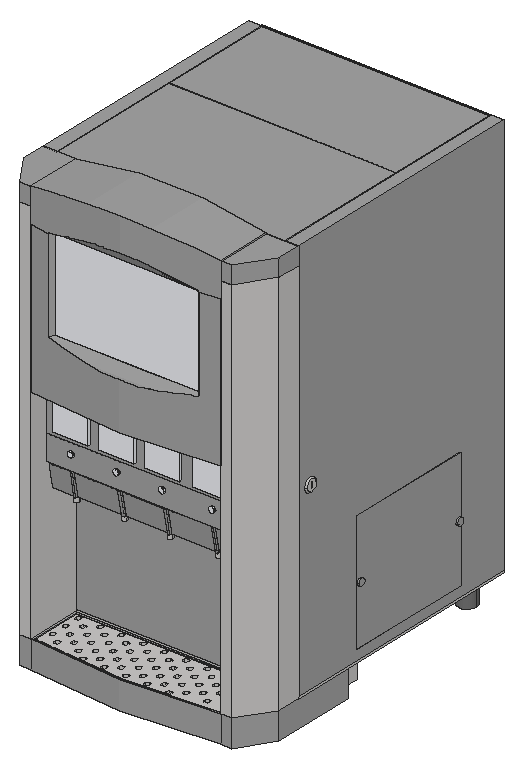
Revit family "QF_ELECTROLUXPROFESSIONAL_560029_FJUICE", category Specialty Equipment, Revit 2018 (continued)
Lines and regions (mm)
  symbolic lines
    curve 42: arc (-35, -223.846, 51) -> (-40, -218.846, 51) -> (-45, -223.846, 51) r 5
    curve 43: arc (-45, -223.846, 51) -> (-40, -228.846, 51) -> (-35, -223.846, 51) r 5
    curve 44: arc (-25, -208.846, 51) -> (-20, -213.846, 51) -> (-15, -208.846, 51) r 5
    curve 45: arc (-45, -193.846, 51) -> (-40, -198.846, 51) -> (-35, -193.846, 51) r 5
    curve 46: arc (-35, -193.846, 51) -> (-40, -188.846, 51) -> (-45, -193.846, 51) r 5
    curve 47: arc (-15, -208.846, 51) -> (-20, -203.846, 51) -> (-25, -208.846, 51) r 5
    curve 48: arc (-145, -238.846, 51) -> (-140, -243.846, 51) -> (-135, -238.846, 51) r 5
    curve 49: arc (-135, -238.846, 51) -> (-140, -233.846, 51) -> (-145, -238.846, 51) r 5
    curve 50: arc (-165, -253.846, 51) -> (-160, -258.846, 51) -> (-155, -253.846, 51) r 5
    curve 51: arc (-155, -253.846, 51) -> (-160, -248.846, 51) -> (-165, -253.846, 51) r 5
    curve 52: arc (-115, -253.846, 51) -> (-120, -248.846, 51) -> (-125, -253.846, 51) r 5
    curve 53: arc (-125, -253.846, 51) -> (-120, -258.846, 51) -> (-115, -253.846, 51) r 5
    curve 54: arc (-135, -268.846, 51) -> (-140, -263.846, 51) -> (-145, -268.846, 51) r 5
    curve 55: arc (-145, -268.846, 51) -> (-140, -273.846, 51) -> (-135, -268.846, 51) r 5
    curve 56: arc (-105, -268.846, 51) -> (-100, -273.846, 51) -> (-95, -268.846, 51) r 5
    curve 57: arc (-95, -268.846, 51) -> (-100, -263.846, 51) -> (-105, -268.846, 51) r 5
    curve 58: arc (-105, -238.846, 51) -> (-100, -243.846, 51) -> (-95, -238.846, 51) r 5
    curve 59: arc (-95, -238.846, 51) -> (-100, -233.846, 51) -> (-105, -238.846, 51) r 5
    curve 60: arc (-65, -238.846, 51) -> (-60, -243.846, 51) -> (-55, -238.846, 51) r 5
    curve 61: arc (-55, -238.846, 51) -> (-60, -233.846, 51) -> (-65, -238.846, 51) r 5
    curve 62: arc (-75, -253.846, 51) -> (-80, -248.846, 51) -> (-85, -253.846, 51) r 5
    curve 63: arc (-85, -253.846, 51) -> (-80, -258.846, 51) -> (-75, -253.846, 51) r 5
    curve 64: arc (-55, -268.846, 51) -> (-60, -263.846, 51) -> (-65, -268.846, 51) r 5
    curve 65: arc (-65, -268.846, 51) -> (-60, -273.846, 51) -> (-55, -268.846, 51) r 5
    curve 66: arc (-75, -283.846, 51) -> (-80, -278.846, 51) -> (-85, -283.846, 51) r 5
    curve 67: arc (-85, -283.846, 51) -> (-80, -288.846, 51) -> (-75, -283.846, 51) r 5
    curve 68: arc (-35, -283.846, 51) -> (-40, -278.846, 51) -> (-45, -283.846, 51) r 5
    curve 69: arc (-45, -283.846, 51) -> (-40, -288.846, 51) -> (-35, -283.846, 51) r 5
    curve 70: arc (-25, -268.846, 51) -> (-20, -273.846, 51) -> (-15, -268.846, 51) r 5
    curve 71: arc (-15, -268.846, 51) -> (-20, -263.846, 51) -> (-25, -268.846, 51) r 5
    curve 72: arc (5, -283.846, 51) -> (0, -278.846, 51) -> (-5, -283.846, 51) r 5
    curve 73: arc (-5, -283.846, 51) -> (0, -288.846, 51) -> (5, -283.846, 51) r 5
    curve 74: arc (-5, -253.846, 51) -> (0, -258.846, 51) -> (5, -253.846, 51) r 5
    curve 75: arc (5, -253.846, 51) -> (0, -248.846, 51) -> (-5, -253.846, 51) r 5
    curve 76: arc (-5, -223.846, 51) -> (0, -228.846, 51) -> (5, -223.846, 51) r 5
    curve 77: arc (5, -223.846, 51) -> (0, -218.846, 51) -> (-5, -223.846, 51) r 5
    curve 78: arc (-15, -238.846, 51) -> (-20, -233.846, 51) -> (-25, -238.846, 51) r 5
    curve 79: arc (-25, -238.846, 51) -> (-20, -243.846, 51) -> (-15, -238.846, 51) r 5
    curve 80: arc (-35, -253.846, 51) -> (-40, -248.846, 51) -> (-45, -253.846, 51) r 5
    curve 81: arc (-5, -193.846, 51) -> (0, -198.846, 51) -> (5, -193.846, 51) r 5
    curve 82: arc (5, -193.846, 51) -> (0, -188.846, 51) -> (-5, -193.846, 51) r 5
    curve 83: arc (25, -208.846, 51) -> (20, -203.846, 51) -> (15, -208.846, 51) r 5
    curve 84: arc (15, -208.846, 51) -> (20, -213.846, 51) -> (25, -208.846, 51) r 5
    curve 85: arc (45, -223.846, 51) -> (40, -218.846, 51) -> (35, -223.846, 51) r 5
    curve 86: arc (35, -223.846, 51) -> (40, -228.846, 51) -> (45, -223.846, 51) r 5
    curve 87: arc (35, -193.846, 51) -> (40, -198.846, 51) -> (45, -193.846, 51) r 5
    curve 88: arc (45, -193.846, 51) -> (40, -188.846, 51) -> (35, -193.846, 51) r 5
    curve 89: arc (65, -208.846, 51) -> (60, -203.846, 51) -> (55, -208.846, 51) r 5
    curve 90: arc (55, -208.846, 51) -> (60, -213.846, 51) -> (65, -208.846, 51) r 5
    curve 91: arc (75, -193.846, 51) -> (80, -198.846, 51) -> (85, -193.846, 51) r 5
    curve 92: arc (85, -193.846, 51) -> (80, -188.846, 51) -> (75, -193.846, 51) r 5
    curve 93: arc (85, -223.846, 51) -> (80, -218.846, 51) -> (75, -223.846, 51) r 5
    curve 94: arc (75, -223.846, 51) -> (80, -228.846, 51) -> (85, -223.846, 51) r 5
    curve 95: arc (65, -238.846, 51) -> (60, -233.846, 51) -> (55, -238.846, 51) r 5
    curve 96: arc (55, -238.846, 51) -> (60, -243.846, 51) -> (65, -238.846, 51) r 5
    curve 97: arc (15, -238.846, 51) -> (20, -243.846, 51) -> (25, -238.846, 51) r 5
    curve 98: arc (25, -238.846, 51) -> (20, -233.846, 51) -> (15, -238.846, 51) r 5
    curve 99: arc (35, -253.846, 51) -> (40, -258.846, 51) -> (45, -253.846, 51) r 5
    curve 100: arc (45, -253.846, 51) -> (40, -248.846, 51) -> (35, -253.846, 51) r 5
    curve 101: arc (75, -253.846, 51) -> (80, -258.846, 51) -> (85, -253.846, 51) r 5
    curve 102: arc (85, -253.846, 51) -> (80, -248.846, 51) -> (75, -253.846, 51) r 5
    curve 103: arc (115, -253.846, 51) -> (120, -258.846, 51) -> (125, -253.846, 51) r 5
    curve 104: arc (125, -253.846, 51) -> (120, -248.846, 51) -> (115, -253.846, 51) r 5
    curve 105: arc (95, -268.846, 51) -> (100, -273.846, 51) -> (105, -268.846, 51) r 5
    curve 106: arc (105, -268.846, 51) -> (100, -263.846, 51) -> (95, -268.846, 51) r 5
    curve 107: arc (85, -283.846, 51) -> (80, -278.846, 51) -> (75, -283.846, 51) r 5
    curve 108: arc (75, -283.846, 51) -> (80, -288.846, 51) -> (85, -283.846, 51) r 5
    curve 109: arc (65, -268.846, 51) -> (60, -263.846, 51) -> (55, -268.846, 51) r 5
    curve 110: arc (55, -268.846, 51) -> (60, -273.846, 51) -> (65, -268.846, 51) r 5
    curve 111: arc (45, -283.846, 51) -> (40, -278.846, 51) -> (35, -283.846, 51) r 5
    curve 112: arc (15, -268.846, 51) -> (20, -273.846, 51) -> (25, -268.846, 51) r 5
    curve 113: arc (25, -268.846, 51) -> (20, -263.846, 51) -> (15, -268.846, 51) r 5
    curve 114: arc (115, -193.846, 51) -> (120, -198.846, 51) -> (125, -193.846, 51) r 5
    curve 115: arc (125, -193.846, 51) -> (120, -188.846, 51) -> (115, -193.846, 51) r 5
    curve 116: arc (165, -193.846, 51) -> (160, -188.846, 51) -> (155, -193.846, 51) r 5
    curve 117: arc (155, -193.846, 51) -> (160, -198.846, 51) -> (165, -193.846, 51) r 5
    curve 118: arc (145, -208.846, 51) -> (140, -203.846, 51) -> (135, -208.846, 51) r 5
    curve 119: arc (135, -208.846, 51) -> (140, -213.846, 51) -> (145, -208.846, 51) r 5
    curve 120: arc (95, -208.846, 51) -> (100, -213.846, 51) -> (105, -208.846, 51) r 5
    curve 121: arc (105, -208.846, 51) -> (100, -203.846, 51) -> (95, -208.846, 51) r 5
    curve 122: arc (125, -223.846, 51) -> (120, -218.846, 51) -> (115, -223.846, 51) r 5
    curve 123: arc (115, -223.846, 51) -> (120, -228.846, 51) -> (125, -223.846, 51) r 5
    curve 124: arc (155, -223.846, 51) -> (160, -228.846, 51) -> (165, -223.846, 51) r 5
    curve 125: arc (165, -223.846, 51) -> (160, -218.846, 51) -> (155, -223.846, 51) r 5
    curve 126: arc (145, -238.846, 51) -> (140, -233.846, 51) -> (135, -238.846, 51) r 5
    curve 127: arc (135, -238.846, 51) -> (140, -243.846, 51) -> (145, -238.846, 51) r 5
    curve 128: arc (105, -238.846, 51) -> (100, -233.846, 51) -> (95, -238.846, 51) r 5
    curve 129: arc (95, -238.846, 51) -> (100, -243.846, 51) -> (105, -238.846, 51) r 5
    curve 130: arc (145, -268.846, 51) -> (140, -263.846, 51) -> (135, -268.846, 51) r 5
    curve 131: arc (135, -268.846, 51) -> (140, -273.846, 51) -> (145, -268.846, 51) r 5
    curve 132: arc (155, -253.846, 51) -> (160, -258.846, 51) -> (165, -253.846, 51) r 5
    curve 133: arc (165, -253.846, 51) -> (160, -248.846, 51) -> (155, -253.846, 51) r 5
    curve 134: arc (-45, -253.846, 51) -> (-40, -258.846, 51) -> (-35, -253.846, 51) r 5
    curve 135: arc (-65, -208.846, 51) -> (-60, -213.846, 51) -> (-55, -208.846, 51) r 5
    curve 136: line (212.5, 81.026, 51) -> (212.5, 299, 51)
    curve 137: line (212.5, -179, 51) -> (212.5, 81.026, 51)
Dimensions and locks
  plane 4 "BASE" to level = 51 mm
  plane 5 "TOP" to level = 826 mm
  plane 8 "LEFT" to plane 9 "RIGHT" = 475 mm
  plane 7 "BACK" to plane 6 "FRONT" = 598 mm
  plane 10 to plane 4 "BASE" to level = 755 mm, 51 mm
  aligned and locked: level to plane 2
Connectors
  electrical at (-114.17, 0, 42.303), driven by "Volts"
    settings: on Extrusion 29, index 1, voltage 230 V, apparent load 0 VA, apparent load phase1 0 VA, apparent load phase2 0 VA, apparent load phase3 0 VA, power factor 1, load classification "Other", number of poles 1, system type 30, power factor state 1, is connector primary yes, connector utility no, sub classification motor no, connector description "Electrical Connection"
  piping at (-201.135, 230.454, 44.554), diameter 6.4
    settings: on Extrusion 30, index 2, connector inside diameter 609.6 mm, connector length 0 mm, flow factor 0, pipe flow 0.0 L/s, pressure drop 0.0 Pa, fitting loss kfactor 0, connector angle 0.00°, fixture units 0, engagement length 0 mm, angle of deflection 0.00°, flow configuration 1, flow direction 1, fitting loss method 0, system type 20, joint type 0, gender type 0, connector reference index -1, connector utility 0, adjustable connector no, is connector primary yes, connector description "Cold Water Inlet 1"
